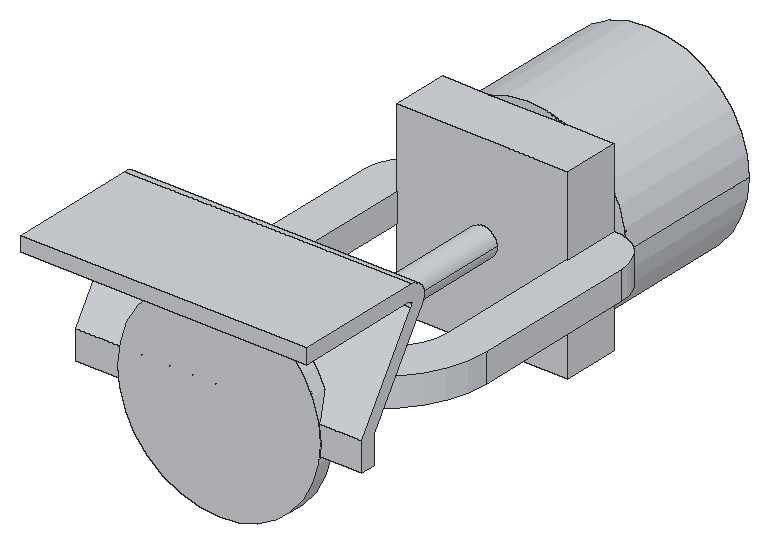
Revit family
Parameters (values of type "RASCO F1FR56 HSW")
  Temperature Rating = 135 °F
  Response = 1
  RASCO SIN # = "RA1435"
  RASCO Part # = "F1FR56H0W"
  Pressure Rating = "175 PSI"
  Pressure Class = (empty or 0)
  Orifice Size = 1/2"
  Orifice = (empty or 0)
  Model = "F1FR56"
  Manufacturer = "RASCO"
  K-Factor = 5.6
  Description = "White Finish"
  Coverage = (empty or 0)
Reference planes (in)
  plane 1 "Center (Front/Back)": y = 0
  plane 2: z = 0
  plane 3 "Center (Left/Right)": x = 0
Dimensions and locks (in)
  aligned and locked: plane 2 to level
Nested families (in)
  nested 1: "F1FR56H0W" at (0, 0, 0), type "RASCO F1FR56 HSW"
Connectors (in)
  piping at (-0.01236, 1.34926, 1.25584)
    settings: on nested 1, index 1, connector radius 115/256", flow factor 0, pipe flow 0 GPM, pressure drop 0.00 psi, fitting loss kfactor 0, connector angle 0.00°, fixture units 0, flow configuration 0, flow direction 0, fitting loss method 0, system type 7, connector reference index -1, connector utility 0, adjustable connector no, is connector primary yes, fitting loss table "", connector description ""
Definition of nested family "F1FR56H0W"
  Parameters (values of type "RASCO F1FR56 HSW")
    Type Comments = ""
    Temperature Rating = 0 °F
    Response = (empty or 0)
    Pressure Rating = "0"
    Pressure Class = (empty or 0)
    Orifice Size = 0"
    Orifice = (empty or 0)
    Model = ""
    Manufacturer = ""
    K-Factor = 0
    Description = ""
    Coverage = (empty or 0)
    Assembly Code = ""
  Reference planes (in)
    plane 1 "Center (Front/Back)": y = 0
    plane 2: z = 0
    plane 3 "ref.2": z = 0.6875
    plane 4 "ref.3": z = 0.9375
    plane 5: x = -0.38065
    plane 6: x = 0.36935
    plane 7 "ref. side 1": y = 0.06402
    plane 8 "ref. side 2": y = -0.06098
    plane 9 "ref.4": z = 1.875
    plane 10 "ref.5": z = 2.3125
    plane 11 "ref.6": z = 2.4375
    plane 12 "center": x = -0.00574
  Forms (in)
    Extrusion 1, solid
      sketch origin (-0.01236, 1.37309, 1.25584) x (-1, 0, 0) y (0, 0, -1)
        loop
          circle (0, 0) r 0.4379
      from 0.02383 to 0.6875
    Extrusion 2, solid
      sketch origin (0.10949, 0.68559, 1.20407) x (-1, 0, 0) y (0, 0, -1)
        loop
          line (-0.2588, 0.356) -> (-0.2588, -0.4565) -> (0.4912, -0.4565) -> (0.4912, 0.356) -> (-0.2588, 0.356)
      from 0 to 0.25
    Extrusion 3, solid
      sketch origin (-0.01236, 1.3722, 1.25584) x (-1, 0, 0) y (0, -1, 0)
        loop
          line (-0.38065, 0.68754) -> (-0.38065, 1.58397)
          arc (-0.38065, 1.58397) -> (-0.29541, 1.78976) -> (-0.08962, 1.875) r 0.29103
          line (-0.08962, 1.875) -> (0.07524, 1.875)
          arc (0.07524, 1.875) -> (0.28321, 1.78886) -> (0.36935, 1.58089) r 0.29411
          line (0.36935, 1.58089) -> (0.36935, 0.68751)
          arc (0.36935, 0.68751) -> (0.50207, 0.74393) -> (0.55685, 0.87734) r 0.18984
          line (0.55685, 0.87734) -> (0.55685, 1.61676)
          arc (0.55685, 1.61676) -> (0.42629, 1.93194) -> (0.11111, 2.0625) r 0.44574
          line (0.11111, 2.0625) -> (-0.12259, 2.0625)
          arc (-0.12259, 2.0625) -> (-0.43765, 1.932) -> (-0.56815, 1.61694) r 0.44556
          line (-0.56815, 1.61694) -> (-0.56815, 0.87876)
          arc (-0.56815, 0.87876) -> (-0.51345, 0.74486) -> (-0.38065, 0.68754) r 0.19126
      from -0.06402 to 0.06098
    Extrusion 4, solid
      sketch origin (-0.01236, 0.43559, 1.25584) x (1, 0, 0) y (0, 0, 1)
        loop
          circle (0.00574, -0.00152) r 0.0625
      from 0 to 0.9375
    Extrusion 5, solid
      sketch origin (-0.01236, -0.50191, 1.25584) x (1, 0, 0) y (0, 0, 1)
        loop
          circle (0.00574, -0.00152) r 0.1875
      from 0 to 0.4375
    Extrusion 6, solid
      sketch origin (-0.01236, -0.89954, 1.2504) x (-1, 0, 0) y (0, 0, 1)
        loop
          circle (-0.00574, -0.00152) r 0.44275
      from -0.10531 to -0.03987
    Extrusion 7, solid
      sketch origin (-0.00662, 1.2679, 1.26334) x (0, -1, 0) y (0, 0, 1)
        loop
          line (2.27263, -0.06402) -> (2.27263, 0.06098) -> (2.00466, 0.4658)
          arc (2.00466, 0.4658) -> (2.00382, 0.48409) -> (2.01953, 0.49348) r 0.01783
          line (2.01953, 0.49348) -> (2.57559, 0.49348) -> (2.57559, 0.55848) -> (2.00257, 0.55848)
          arc (2.00257, 0.55848) -> (1.94355, 0.52319) -> (1.9467, 0.4545) r 0.067
          line (1.9467, 0.4545) -> (2.20719, 0.06098) -> (2.20719, -0.06402) -> (2.27263, -0.06402)
      from -0.62515 to 0.62904
  Cuts and joins
    joined: Extrusion 1, Extrusion 2, Extrusion 4
